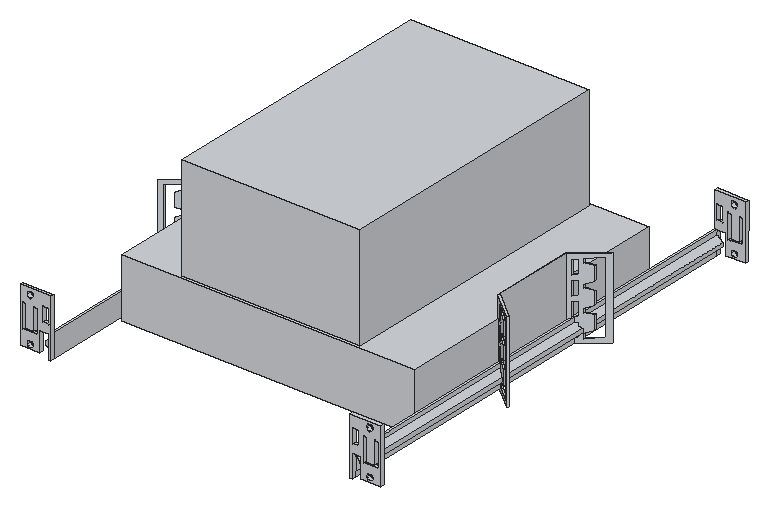
Revit family "Alcon-14135-4-L-Revit-Family", category Lighting Fixtures, host Ceiling, Revit 2021
Family settings
  Host = Ceiling
  Round Connector Dimension = Use Diameter
  Part Type = Normal
  Always vertical = Yes
  Cut with Voids When Loaded = Yes
  Light Source = Yes
  Shared = No
  Room Calculation Point = No
Parameters (values of type "Type 1")
  Wattage = 9.2903 W
  built-in parameter 1150110 = 1 (stored number, unit not read)
  built-in parameter 1114217 = 1 (stored number, unit not read)
  Tilt Angle = 60.00°
  built-in parameter 1150109 = 1 (stored number, unit not read)
  built-in parameter 1150134 = 3
  built-in parameter 1150113 = 1 (stored number, unit not read)
  built-in parameter 1010507 = 1.5708 (stored number, unit not read)
  built-in parameter 1010506 = 0.5236 (stored number, unit not read)
  Reflector = none
  Product Identity = "Alcon Lighting 14135-4-L"
  Manufacturer = "Alcon Light"
  built-in parameter 1150105 = 4614.1 (stored number, unit not read)
  Lumens = 1380 lm
  built-in parameter 1150115 = 1 (stored number, unit not read)
  Link To Product Page = "https://www.alconlighting.com/14135-4-l.html"
  Light Source Symbol Length = 10' - 0"
  Light Source = none
  built-in parameter 1150137 = (empty or 0)
  built-in parameter 1150139 = (empty or 0)
  built-in parameter 1150112 = 1 (stored number, unit not read)
  built-in parameter 1150114 = 1 (stored number, unit not read)
  built-in parameter 1150132 = (empty or 0)
  built-in parameter 1150102 = (empty or 0)
  built-in parameter 1150107 = 3200 (stored number, unit not read)
  built-in parameter 1150138 = (empty or 0)
  built-in parameter 1150106 = 46.141 (stored number, unit not read)
  Housing = none
  built-in parameter 1150104 = 13.8 (stored number, unit not read)
  Lens = none
  Dimming Lamp Color Temperature Shift = <None>
  Default Elevation = 0' - 0"
  Color Filter = 16777215
  built-in parameter 1114218 = 1 (stored number, unit not read)
  built-in parameter 1150133 = 10 (stored number, unit not read)
Reference planes (in)
  plane 1 "Center (Front/Back)": y = 0
  plane 2: z = 0
  plane 3 "Center (Left/Right)": x = 0
  plane 4 "Ceiling": z = 157.48031
Forms (in)
  Revolve 1, solid, material <- "Housing"
    sketch origin (0, 0, 0) x (1, 0, 0) y (0, 0, 1)
      loop
        line (-2.315, 157.37825) -> (-2.315, 158.11784)
        arc (-2.315, 158.11784) -> (-2.3049, 158.42954) -> (-2.27464, 158.73993) r 4.81447
        line (-2.27464, 158.73993) -> (-2.40067, 158.73993)
        arc (-2.40067, 158.73993) -> (-2.43016, 158.42951) -> (-2.44, 158.11784) r 4.93947
        line (-2.44, 158.11784) -> (-2.44, 157.48031) -> (-2.76182, 157.48031) -> (-2.76182, 157.37825) -> (-2.315, 157.37825)
      axis (0, 157.37825) -> (0, 158.73993)
    angle from 0 to 360
  Revolve 2, solid, material <- "Light Source"
    sketch origin (0, 0, 4.04922) x (1, 0, 0) y (0, 0, 1)
      loop
        line (0, 159.20873) -> (0, 159.40025) -> (-2.90741, 159.40025) -> (-2.90741, 159.20873) -> (0, 159.20873)
      axis (0, 159.20873) -> (0, 159.40025)
    angle from 0 to 360
  Extrusion 3, solid, material <- "Housing"
    sketch origin (0, 0, 157.48031) x (0, 1, 0) y (-1, 0, 0)
      loop
        line (-4.93441, 4.94097) -> (-4.93441, -4.94097) -> (4.93441, -4.94097) -> (4.93441, 4.94097) -> (-4.93441, 4.94097)
      loop
        line (-4.80941, 4.81597) -> (-4.80941, -4.81597) -> (4.80941, -4.81597) -> (4.80941, 4.81597) -> (-4.80941, 4.81597)
    from 0.71933 to 2.53659
  Extrusion 4, solid, material <- "Housing"
    sketch origin (0, 0, 157.48031) x (0, 1, 0) y (-1, 0, 0)
      loop
        line (-4.93441, 4.94097) -> (-4.93441, -4.94097) -> (4.93441, -4.94097) -> (4.93441, 4.94097) -> (-4.93441, 4.94097)
      loop
        circle (0, 0) r 2.90738
    from 2.53659 to 2.61884
  Extrusion 5, solid, material <- "Housing"
    sketch origin (0, 0, 157.48031) x (0, 1, 0) y (-1, 0, 0)
      loop
        line (-4.80941, 3.00347) -> (-4.80941, -2.99653) -> (4.80941, -2.99653) -> (4.80941, 3.00347) -> (-4.80941, 3.00347)
    from 2.61884 to 6.10716
  Extrusion 6, solid, material <- "Housing"
    sketch origin (0, 0, 157.48031) x (0, 1, 0) y (-1, 0, 0)
      loop
        line (-4.93441, 4.94097) -> (-4.93441, -4.94097) -> (4.93441, -4.94097) -> (4.93441, 4.94097) -> (-4.93441, 4.94097)
      loop
        circle (0, 0) r 2.44
    from 0.63752 to 0.71933
  Extrusion 7, void
    sketch origin (0, 0, 157.48031) x (0, 1, 0) y (-1, 0, 0)
      loop
        circle (0, 0) r 2.90738
    from 2.61884 to 5.96915
  Extrusion 8, solid, material <- "Housing"
    sketch origin (1.67888, 1.85467, 0.19356) x (1, 0, 0) y (0, 0, 1)
      loop
        line (4.39781, 158.03648) -> (4.39781, 159.87663) -> (3.35584, 159.87663) -> (3.35584, 157.92428) -> (3.44441, 157.92428) -> (3.44441, 158.70601) -> (3.73637, 158.70601) -> (3.73637, 158.03648) -> (4.39781, 158.03648)
      loop
        line (3.44441, 158.99543) -> (3.65052, 158.99543) -> (3.65052, 159.49543) -> (3.44441, 159.49543) -> (3.44441, 158.99543)
      loop
        line (4.31618, 158.54453) -> (4.31618, 159.36762) -> (4.20186, 159.36762) -> (4.20186, 158.61762) -> (3.9305, 158.61762) -> (3.9305, 159.36762) -> (3.81618, 159.36762) -> (3.81618, 158.54453) -> (4.31618, 158.54453)
      loop
        circle (4.04182, 159.68118) r 0.11132
      loop
        circle (4.04182, 158.18118) r 0.11132
    from -5.84043 to -5.72106
  Extrusion 9, solid, material <- "Housing"
    sketch origin (2.73206, -0.39533, 0) x (1, 0, 0) y (0, 0, 1)
      loop
        line (2.32609, 158.89957) -> (2.32609, 158.11784) -> (2.39122, 158.11784) -> (2.39122, 158.32322) -> (2.56408, 158.44426) -> (2.56408, 158.58056) -> (2.39122, 158.75342) -> (2.39122, 158.89957) -> (2.32609, 158.89957)
    from -7.97106 to 7.26645
  Extrusion 10, solid, material <- "Housing"
    sketch origin (1.67888, -13.50221, 0.19356) x (1, 0, 0) y (0, 0, 1)
      loop
        line (4.39781, 158.03648) -> (4.39781, 159.87663) -> (3.35584, 159.87663) -> (3.35584, 157.92428) -> (3.44441, 157.92428) -> (3.44441, 158.70601) -> (3.73637, 158.70601) -> (3.73637, 158.03648) -> (4.39781, 158.03648)
      loop
        line (3.44441, 158.99543) -> (3.65052, 158.99543) -> (3.65052, 159.49543) -> (3.44441, 159.49543) -> (3.44441, 158.99543)
      loop
        line (4.31618, 158.54453) -> (4.31618, 159.36762) -> (4.20186, 159.36762) -> (4.20186, 158.61762) -> (3.9305, 158.61762) -> (3.9305, 159.36762) -> (3.81618, 159.36762) -> (3.81618, 158.54453) -> (4.31618, 158.54453)
      loop
        circle (4.04182, 159.68118) r 0.11132
      loop
        circle (4.04182, 158.18118) r 0.11132
    from -5.84043 to -5.72106
  Extrusion 11, solid
    sketch origin (0, 0, 157.48031) x (0, 1, 0) y (-1, 0, 0)
      loop
        line (2.22574, -5.88598) -> (1.43278, -4.94097) -> (-1.43278, -4.94097) -> (-2.22574, -5.88598) -> (-2.19791, -5.91382) -> (-1.39672, -4.959) -> (1.39672, -4.959) -> (2.19791, -5.91382) -> (2.22574, -5.88598)
    from 0.63752 to 3.35606
  Extrusion 12, void
    sketch origin (0, 0, 0) x (1, 0, 0) y (0, 0, 1)
      loop
        line (5.3215, 158.2703) -> (5.77462, 158.2703) -> (5.77462, 160.71441) -> (5.3215, 160.71441) -> (5.3215, 160.56029) -> (5.54808, 160.45463) -> (5.54808, 160.0117) -> (5.3215, 159.92923) -> (5.3215, 159.80004) -> (5.54808, 159.69438) -> (5.54808, 159.29033) -> (5.3215, 159.18467) -> (5.3215, 159.05548) -> (5.54808, 158.97301) -> (5.54808, 158.53008) -> (5.3215, 158.42442) -> (5.3215, 158.2703)
      loop
        line (5.23014, 160.18684) -> (5.23014, 160.66763) -> (5.084, 160.66763) -> (5.084, 160.18684) -> (5.23014, 160.18684)
      loop
        line (5.23014, 159.55205) -> (5.23014, 160.03284) -> (5.084, 160.03284) -> (5.084, 159.55205) -> (5.23014, 159.55205)
      loop
        line (5.23014, 158.91726) -> (5.23014, 159.39805) -> (5.084, 159.39805) -> (5.084, 158.91726) -> (5.23014, 158.91726)
      loop
        line (5.23014, 158.28246) -> (5.23014, 158.76325) -> (5.084, 158.76325) -> (5.084, 158.28246) -> (5.23014, 158.28246)
    from -2.16392 to 2.22574
  Extrusion 13, solid, material <- "Housing"
    sketch origin (-1.67888, 1.85467, 0.19356) x (-1, 0, 0) y (0, 0, -1)
      loop
        line (4.39781, -158.03648) -> (3.73637, -158.03648) -> (3.73637, -158.70601) -> (3.44441, -158.70601) -> (3.44441, -157.92428) -> (3.35584, -157.92428) -> (3.35584, -159.87663) -> (4.39781, -159.87663) -> (4.39781, -158.03648)
      loop
        line (3.44441, -158.99543) -> (3.44441, -159.49543) -> (3.65052, -159.49543) -> (3.65052, -158.99543) -> (3.44441, -158.99543)
      loop
        line (4.31618, -158.54453) -> (3.81618, -158.54453) -> (3.81618, -159.36762) -> (3.9305, -159.36762) -> (3.9305, -158.61762) -> (4.20186, -158.61762) -> (4.20186, -159.36762) -> (4.31618, -159.36762) -> (4.31618, -158.54453)
      loop
        circle (4.04182, -159.68118) r 0.11132
      loop
        circle (4.04182, -158.18118) r 0.11132
    from -5.84043 to -5.72106
  Extrusion 14, solid, material <- "Housing"
    sketch origin (-2.73206, -0.39533, 0) x (-1, 0, 0) y (0, 0, -1)
      loop
        line (2.32609, -158.89957) -> (2.39122, -158.89957) -> (2.39122, -158.75342) -> (2.56408, -158.58056) -> (2.56408, -158.44426) -> (2.39122, -158.32322) -> (2.39122, -158.11784) -> (2.32609, -158.11784) -> (2.32609, -158.89957)
    from -7.97106 to 7.26645
  Extrusion 15, solid, material <- "Housing"
    sketch origin (-1.67888, -13.50221, 0.19356) x (-1, 0, 0) y (0, 0, -1)
      loop
        line (4.39781, -158.03648) -> (3.73637, -158.03648) -> (3.73637, -158.70601) -> (3.44441, -158.70601) -> (3.44441, -157.92428) -> (3.35584, -157.92428) -> (3.35584, -159.87663) -> (4.39781, -159.87663) -> (4.39781, -158.03648)
      loop
        line (3.44441, -158.99543) -> (3.44441, -159.49543) -> (3.65052, -159.49543) -> (3.65052, -158.99543) -> (3.44441, -158.99543)
      loop
        line (4.31618, -158.54453) -> (3.81618, -158.54453) -> (3.81618, -159.36762) -> (3.9305, -159.36762) -> (3.9305, -158.61762) -> (4.20186, -158.61762) -> (4.20186, -159.36762) -> (4.31618, -159.36762) -> (4.31618, -158.54453)
      loop
        circle (4.04182, -159.68118) r 0.11132
      loop
        circle (4.04182, -158.18118) r 0.11132
    from -5.84043 to -5.72106
  Extrusion 16, solid
    sketch origin (0, 0, 157.48031) x (0, -1, 0) y (1, 0, 0)
      loop
        line (-2.22574, -5.88598) -> (-2.19791, -5.91382) -> (-1.39672, -4.959) -> (1.39672, -4.959) -> (2.19791, -5.91382) -> (2.22574, -5.88598) -> (1.43278, -4.94097) -> (-1.43278, -4.94097) -> (-2.22574, -5.88598)
    from 0.63752 to 3.35606
  Extrusion 17, void
    sketch origin (0, 0, 0) x (-1, 0, 0) y (0, 0, -1)
      loop
        line (5.3215, -158.2703) -> (5.3215, -158.42442) -> (5.54808, -158.53008) -> (5.54808, -158.97301) -> (5.3215, -159.05548) -> (5.3215, -159.18467) -> (5.54808, -159.29033) -> (5.54808, -159.69438) -> (5.3215, -159.80004) -> (5.3215, -159.92923) -> (5.54808, -160.0117) -> (5.54808, -160.45463) -> (5.3215, -160.56029) -> (5.3215, -160.71441) -> (5.77462, -160.71441) -> (5.77462, -158.2703) -> (5.3215, -158.2703)
      loop
        line (5.23014, -160.18684) -> (5.084, -160.18684) -> (5.084, -160.66763) -> (5.23014, -160.66763) -> (5.23014, -160.18684)
      loop
        line (5.23014, -159.55205) -> (5.084, -159.55205) -> (5.084, -160.03284) -> (5.23014, -160.03284) -> (5.23014, -159.55205)
      loop
        line (5.23014, -158.91726) -> (5.084, -158.91726) -> (5.084, -159.39805) -> (5.23014, -159.39805) -> (5.23014, -158.91726)
      loop
        line (5.23014, -158.28246) -> (5.084, -158.28246) -> (5.084, -158.76325) -> (5.23014, -158.76325) -> (5.23014, -158.28246)
    from -2.16392 to 2.22574
  Extrusion 18, solid, material <- "Lens"
    sketch origin (0, 0, 157.48031) x (0, 1, 0) y (-1, 0, 0)
      loop
        circle (0, 0) r 2.40067
    from 1.25962 to 1.38134
Cuts and joins
  joined: Extrusion 3, Extrusion 4, Extrusion 6
  Extrusion 7 cuts Extrusion 5
  Extrusion 12, Extrusion 17 cuts Extrusion 11
  Extrusion 17 cuts Extrusion 9
  Extrusion 17 cuts Extrusion 14
  Extrusion 17 cuts Extrusion 16
Dimensions and locks (in)
  equal spacing: host sketch curve, plane 3 "Center (Left/Right)", host sketch curve
  equal spacing: host sketch curve, plane 1 "Center (Front/Back)", host sketch curve
  host sketch curve to host sketch curve = 13' - 1.48031"  (x2)
  plane 4 "Ceiling" to host ceiling = 0' - 0"
